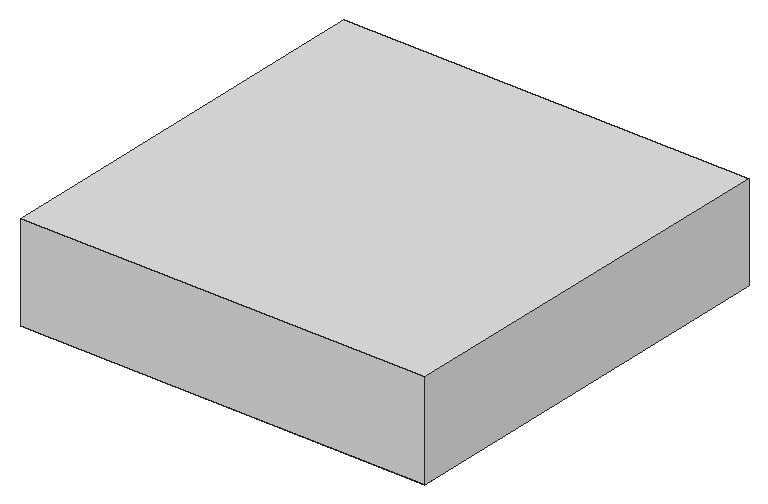
Revit family "290272 OvaLED NM ST LED LP 1t_Tak", category Lighting Fixtures, Revit 2016
Family settings
  Part Type = Normal
  Round Connector Dimension = Use Diameter
  OmniClass Number = 23.80.70.11.21
  OmniClass Title = Emergency Lighting
  Work Plane-Based = No
  Always vertical = Yes
  Cut with Voids When Loaded = No
  Light Source = Yes
  Shared = No
  Room Calculation Point = No
Parameters (values of type "Ledelys")
  Wattage = 9.2903 W
  built-in parameter 1150110 = 1 (stored number, unit not read)
  Type Comments = "-UN"
  built-in parameter 1114217 = 1 (stored number, unit not read)
  Tilt Angle = 90.00°
  built-in parameter 1150109 = 1 (stored number, unit not read)
  built-in parameter 1150134 = 3
  built-in parameter 1150113 = 1 (stored number, unit not read)
  Photometric Web File = "2x4 3Lamp.ies"
  Number of Poles = 1
  Symbol Positive Direction [instance] = yes
  NS8360 = "4432_WT2"
  Manufacturer = "Honeywell"
  built-in parameter 1150105 = 109.82 (stored number, unit not read)
  Lumens = 1380 lm
  built-in parameter 1150115 = 1 (stored number, unit not read)
  built-in parameter 1150137 = (empty or 0)
  built-in parameter 1150139 = (empty or 0)
  built-in parameter 1150112 = 1 (stored number, unit not read)
  built-in parameter 1150114 = 1 (stored number, unit not read)
  Keynote = "WT2"
  built-in parameter 1150132 = (empty or 0)
  built-in parameter 1150102 = (empty or 0)
  built-in parameter 1150107 = 3200 (stored number, unit not read)
  built-in parameter 1150138 = (empty or 0)
  built-in parameter 1150106 = 1.0982 (stored number, unit not read)
  Height 1 = 45 mm
  Height = 55 mm
  Voltage = 230 V
  Symbol Offset Side [instance] = 0 mm
  Symbol Offset Out [instance] = 0 mm
  Material = Plastic - White
  Loads [instance] = 0 VA
  Length B = 160 mm
  Length A = 160 mm
  Glass Material = Plastic - Glass
  Emit from Rectangle Width = Length B  # 160 mm
  Emit from Rectangle Length = Length A  # 160 mm
  Emit Shape Visible in Rendering = no
  built-in parameter 1150104 = 13.8 (stored number, unit not read)
  Dimming Lamp Color Temperature Shift = <None>
  Color Filter = 16777215
  built-in parameter 1114218 = 1 (stored number, unit not read)
  built-in parameter 1150133 = 10 (stored number, unit not read)
  Assembly Code = "4432"
Reference planes
  plane 1 "Light Source Axis (F/B)": y = 0
  plane 2: z = 0
  plane 3 "Light Source Axis (L/R)": x = 0
  plane 4 "Light Source Elevation": z = 0
  plane 5: z = -55
  plane 6: z = -45
  plane 7: z = -38
  plane 8: y = 80
  plane 9: x = 80
  plane 10: y = -80
  plane 11: x = -80
  plane 12: y = 17
  plane 13: x = 17
  plane 14: y = -17
  plane 15: x = -17
Forms (mm)
  Extrusion 1, solid, material "Plastic - White" <- "Material"
    sketch origin (0, 0, 0) x (1, 0, 0) y (0, 1, 0)
      loop
        line (-80, 80) -> (-80, -80) -> (80, -80) -> (80, 80) -> (-80, 80)
    from 0 to -38
  Blend 2, solid, material "Plastic - White" <- "Material"
    base sketch origin (0, 0, 0) x (1, 0, 0) y (0, 1, 0)
      loop
        line (-80, 80) -> (-80, -80) -> (80, -80) -> (80, 80) -> (-80, 80)
    top sketch origin (0, 0, 0) x (1, 0, 0) y (0, 1, 0)
      loop
        line (-17, 17) -> (-17, -17) -> (17, -17) -> (17, 17) -> (-17, 17)
    from -38 to -45
  Revolve 3, solid, material "Plastic - Glass" <- "Glass Material"
    sketch origin (0, 0, 0) x (0, 1, 0) y (0, 0, 1)
      loop
        line (12.5, -55) -> (12.5, -45) -> (-12.5, -45) -> (-12.5, -55) -> (-6.5, -51)
        arc (-6.5, -51) -> (-4.282, -53.9) -> (-0.8, -55) r 6.061
        line (-0.8, -55) -> (0.8, -55)
        arc (0.8, -55) -> (4.282, -53.9) -> (6.5, -51) r 6.061
        line (6.5, -51) -> (12.5, -55)
      axis (12.5, -45) -> (-12.5, -45)
    angle from -90 to 90
Lines and regions (mm)
  model lines, style "InvisibleLines"
    curve 1: line (0, 0, 0) -> (0, 0, -45)
  symbolic lines, style "InvisibleLines"
    curve 2: line (0, 0, 0) -> (0, 0, 50)
Dimensions and locks
  plane 4 "Light Source Elevation" to plane 2 = 0 mm
  "Height": plane 4 "Light Source Elevation" to plane 5
  locked: plane 7 to plane 6 at 7
  equal spacing: plane 11, plane 3 "Light Source Axis (L/R)", plane 9
  equal spacing: plane 8, plane 1 "Light Source Axis (F/B)", plane 10
  "Length A": plane 11 to plane 9
  "Length B": plane 8 to plane 10
  plane 12 to plane 1 "Light Source Axis (F/B)" to plane 14 = 17 mm locked, 17 mm locked
  plane 15 to plane 3 "Light Source Axis (L/R)" to plane 13 = 17 mm locked, 17 mm locked
  "Height 1": plane 4 "Light Source Elevation" to plane 6
  aligned and locked: plane 2 to level
  aligned and locked: plane 1 "Light Source Axis (F/B)" to nested 1
  aligned and locked: plane 3 "Light Source Axis (L/R)" to nested 1
  aligned and locked: Extrusion 1 sketch curve to plane 8
  aligned and locked: plane 11 to Extrusion 1 sketch curve
  aligned and locked: plane 10 to Extrusion 1 sketch curve
  aligned and locked: Extrusion 1 sketch curve to plane 9
  aligned and locked: Extrusion 1 to plane 7
  aligned and locked: Extrusion 1 to plane 4 "Light Source Elevation"
  aligned and locked: Blend 2 sketch curve to plane 8
  aligned and locked: plane 11 to Blend 2 sketch curve
  aligned and locked: plane 10 to Blend 2 sketch curve
  aligned and locked: Blend 2 sketch curve to plane 9
  aligned and locked: Blend 2 sketch curve to plane 12
  aligned and locked: plane 15 to Blend 2 sketch curve
  aligned and locked: Blend 2 sketch curve to plane 14
  aligned and locked: Blend 2 sketch curve to plane 13
  aligned and locked: imposter light to plane 3 "Light Source Axis (L/R)"
  aligned and locked: imposter light to plane 5
  aligned and locked: imposter light to plane 1 "Light Source Axis (F/B)"
  aligned and locked: Blend 2 to plane 6
  aligned and locked: plane 7 to Blend 2
  aligned and locked: Revolve 3 sketch curve to plane 6  (x2)
  aligned and locked: plane 5 to Revolve 3 sketch curve  (x3)
  aligned and locked: plane 3 "Light Source Axis (L/R)" to curve 2
  aligned and locked: level to curve 2
Automatic sketch dimensions
  Revolve 3 sketch curve to plane 12 = 4.5 mm
  Revolve 3 sketch curve to plane 1 "Light Source Axis (F/B)" = 6.5 mm
  plane 5 to Revolve 3 sketch curve = 4 mm  (x2)
  Revolve 3 sketch curve to plane 1 "Light Source Axis (F/B)" = 0.8 mm
  plane 1 "Light Source Axis (F/B)" to Revolve 3 sketch curve = 0.8 mm
  Revolve 3 sketch curve to Revolve 3 sketch curve = 5.7 mm
  Revolve 3 sketch curve to plane 14 = 4.5 mm
  Revolve 3 sketch curve to plane 10 = 1644.969 mm
  plane 8 to Revolve 3 sketch curve = 1036.284 mm
  curve 1 to plane 6 = 0 mm
  level to curve 2 = 50 mm
Nested families
  nested 1: "LedelysS" at (0, 0, 0), type "Type 1"
Connectors
  electrical at (0, 0, 0), driven by "Voltage", driven by "Loads", driven by "Number of Poles", driven by "Loads"
    settings: on plane 4 "Light Source Elevation", index 1, voltage 230 V, apparent load 0 VA, apparent load phase1 0 VA, apparent load phase2 0 VA, apparent load phase3 0 VA, power factor 1, load classification "Lighting", number of poles 1, system type 30, power factor state 1, is connector primary yes, connector utility no, sub classification motor no, connector description ""
Definition of nested family "LedelysS"
  Parameters
    CQ Symbol Positive Direction = yes
    CQ Symbol Negative Direction = not(CQ Symbol Positive Direction)  # no
    CQ Symbol Offset Side = 0 mm
    CQ Symbol Offset Out = 0 mm
  Reference planes
    plane 1: y = 0
    plane 2: x = 0
  Dimensions and locks
    "CQ Symbol Offset Out": plane 1 to nested 1
    "CQ Symbol Offset Out": plane 1 to nested 2
    "CQ Symbol Offset Side": plane 2 to nested 2
    "CQ Symbol Offset Side": nested 1 to plane 2
  Nested families
    nested 1: "LedelysSub" at (0, 0, 0), visible <- "CQ Symbol Negative Direction", type "Type 1"
    nested 2: "LedelysSub" at (0, 0, 0), visible <- "CQ Symbol Positive Direction", type "Type 1"
  Definition of nested family "LedelysSub"
    Reference planes
      plane 1: y = 0
      plane 2: x = 0
    Lines and regions (mm)
      detail lines
        curve 1: line (-4, -2, 0) -> (4, -2, 0)
        curve 2: line (4, -2, 0) -> (4, 2, 0)
        curve 3: line (4, 2, 0) -> (-4, 2, 0)
        curve 4: line (-4, 2, 0) -> (-4, -2, 0)
        curve 5: line (-3.097, -1.25, 0) -> (-0.597, 1.25, 0)
        curve 6: line (-3.097, 1.25, 0) -> (-0.597, -1.25, 0)
        curve 7: circle (-1.847, 0, 0) r 1.2 normal (0, 0, 1)
    Text (mm)
      text "LL" at (2.179, 1.025, 0)
